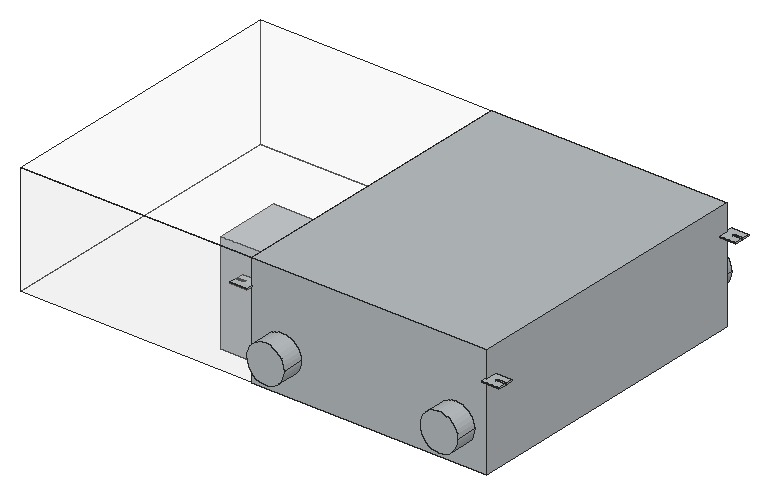
Revit family "lgh-n15_100rx3(d)_60Hz", category 機械設備, Revit 2019
Family settings
  丸型コネクタ寸法 = 直径を使用
  パーツ タイプ = 標準
  OmniClass 番号 = 23.75.10.34.21
  OmniClass タイトル = Heat Exchangers for Ventilation Air
  作業面ベース = いいえ
  常に垂直 = はい
  ロード時にボイドで切り取り = いいえ
  共有 = いいえ
  部屋計算ポイント = はい
Parameters (values of type "LGH-N15RX3")
  騒音レベル(dB(A)) = 29
  風量 = 150.0 m³/h
  面風速 = 5.31 m/s
  電源種別 [instance] = "一般"
  電圧 = 100 V
  電動機出力 = 0 W
  集中コントローラ = ""
  運転質量 = 0.00 kg
  連動 [instance] = ""
  質量 = if(製品質量 > 運転質量, 製品質量, 運転質量) * 1.2  # 26.40 kg
  負荷分類 = 3_ファン類
  説明 = "業務用ロスナイ 天井埋込形"
  設計風量 = 0.0 m³/h
  設置方法 = "天井吊(隠ぺい)形"
  記号 [instance] = ""
  製造元 = "MITSIBISHI ELECTRIC"
  製品質量 = 22.00 kg
  製品出荷対象 = "国内"
  製品リリース年月 = "2019/6/1"
  製品グループ = ""
  系統 [instance] = ""
  符号 = "HEU"
  積算_科目 = "1 空気調和設備"
  積算_拾い区分 [instance] = ""
  相 = 1
  盤記号 [instance] = ""
  発停方法 [instance] = "別売リモコン"
  特殊仕様 [instance] = ""
  点検口高さ = -Height  # -289 mm
  点検口離隔 = 150 mm
  点検口_Depth = 450 mm
  点検口 = yes
  火災停止 [instance] = ""
  温度交換効率 = 74.00%
  消費電力 = 120 W
  法定耐用年数 = "15"
  機外静圧_排気 = 170.0 Pa
  機外静圧 = 170.0 Pa
  極数 = 2
  材質 [instance] = ""
  本体マテリアル = 溶融亜鉛めっき鋼板
  操作・制御方式 = ""
  操作・制御スイッチ = ""
  排気量 = 0.0 m³/h
  形式 = "天井埋込ダクト形"
  幹線記号 [instance] = ""
  対象室 [instance] = ""
  実風量 = 0.0 m³/h
  始動方式 [instance] = "直入"
  天吊金具_径 = 6.5 mm
  天吊金具_幅 = 20 mm
  外気量 = 設計風量  # 0.0 m³/h
  呼称 = "全熱交換ユニット"
  周波数 = 60 Hz
  天吊金具ピッチ2 = 768 mm
  天吊金具ピッチ1 = 658 mm
  天吊金具_高さ = 65 mm
  参照している仕様書等のバージョン = "公共建築工事標準仕様書（機械設備工事編）平成31年度版"
  初期抵抗 = 0.0 Pa
  分類コード = "50052504100070"
  分類グループ = ""
  価格 = 190000
  企業コード = "108420"
  付属品_フィルター_還気 = ""
  付属品_フィルター = ""
  付属品 [instance] = ""
  仕様書バージョン = "Version1.0"
  モデル = "LGH-N15RX3"
  メンテナンススペース = yes
  コメント [instance] = ""
  Keynote = ""
  エンタルピ交換効率_暖房 = 75.50%
  エンタルピ交換効率_冷房 = 64.50%
  Assembly Code = ""
  Width = 610 mm
  Version = ""
  Uniclass2015Version = "Systems v1.9"
  Uniclass2015Title = "Thermal wheels"
  Uniclass2015Code = "Pr_60_60_36_88"
  URL = "https://www.mitsubishielectric.co.jp/ldg/wink/ssl/displayProduct.do?pid=300333"
  SpecificationReference = ""
  SpecificationDescription = ""
  SMAX風量 = 0.0 m³/h
  SMAX静圧 = 0.0 Pa
  SAサイズ_D = 97.5 mm
  Revision = ""
  RAサイズ_D = 97.5 mm
  ProductInformation = ""
  OmniClassCode = "23-27 23 19 11"
  OAダクト接続口方向_標準 = yes
  OAダクト接続口方向_変更 = not(OAダクト接続口方向_標準)  # no
  OAサイズ_W = 0 mm
  OAサイズ_D = 97.5 mm
  MIN風量 = 75.0 m³/h
  MIN静圧 = 42.0 Pa
  MID風量 = 95.0 m³/h
  MID静圧 = 68.0 Pa
  MAX風量 = 150.0 m³/h
  MAX静圧 = 170.0 Pa
  IfcTypeProduct = ""
  IfcProduct = ""
  IfcExportType = "ROTARYWHEEL"
  IfcExportAs = "IfcAirToAirHeatRecoveryType"
  Height = 289 mm
  EAダクト接続口方向_変更 = not(EAダクト接続口方向_標準)  # no
  EAダクト接続口方向_標準 = yes
  EAサイズ_W = 0 mm
  EAサイズ_D = 97.5 mm
  Duct_Pitch = 450 mm
  Duct_Height = 194.5 mm
  Duct_Depth = 54 mm
  DuctChange_Center = 119 mm
  Depth = 780 mm
  Clearance Top = Height  # 289 mm
  Clearance Left = 600 mm
  Box_Width = 115 mm
  Box_Height = 262 mm
  Box_H = 10 mm
  Box_Depth = 172 mm
  Box_D = 45 mm
  Author = "MITSUBISHI ELECTRIC"
Types (14, lengths in mm): name | 騒音レベル(dB(A)) | 風量 | 面風速 | 電圧 | 質量 | 製品質量 | 点検口高さ | 温度交換効率 | 消費電力 | 機外静圧_排気 | 機外静圧 | 極数 | 天吊金具ピッチ2 | 天吊金具ピッチ1 | 天吊金具_高さ | 参照している仕様書等のバージョン | 価格 | モデル | エンタルピ交換効率_暖房 | エンタルピ交換効率_冷房 | Width | URL | SMAX風量 | SMAX静圧 | SAサイズ_D | RAサイズ_D | OAサイズ_D | MIN風量 | MIN静圧 | MID風量 | MID静圧 | MAX風量 | MAX静圧 | Height | EAサイズ_D | Duct_Pitch | Duct_Height | Duct_Depth | DuctChange_Center | Depth | Clearance Top | Box_H | Box_D
  LGH-N15RX3 | 29 | 150.0 m³/h | 5.31 m/s | 100 V | 26.40 kg | 22.00 kg | -289 | 74.00% | 120 W | 170.0 Pa | 170.0 Pa | 2 | 768 | 658 | 65 | "公共建築工事標準仕様書（機械設備工事編）平成31年度版" | 190000 | "LGH-N15RX3" | 75.50% | 64.50% | 610 | "https://www.mitsubishielectric.co.jp/ldg/wink/ssl/displayProduct.do?pid=300333" | 0.0 m³/h | 0.0 Pa | 97.5 | 97.5 | 97.5 | 75.0 m³/h | 42.0 Pa | 95.0 m³/h | 68.0 Pa | 150.0 m³/h | 170.0 Pa | 289 | 97.5 | 450 | 194.5 | 54 | 119 | 780 | 289 | 10 | 45
  LGH-N15RX3D | 29 | 150.0 m³/h | 5.31 m/s | 200 V | 26.40 kg | 22.00 kg | -289 | 74.00% | 126 W | 170.0 Pa | 170.0 Pa | 3 | 768 | 658 | 65 | "公共建築工事標準仕様書（機械設備工事編）平成31年度版" | 190000 | "LGH-N15RX3D" | 75.50% | 64.50% | 610 | "https://www.mitsubishielectric.co.jp/ldg/wink/ssl/displayProduct.do?pid=300334" | 0.0 m³/h | 0.0 Pa | 97.5 | 97.5 | 97.5 | 80.0 m³/h | 48.0 Pa | 95.0 m³/h | 68.0 Pa | 150.0 m³/h | 170.0 Pa | 289 | 97.5 | 450 | 194.5 | 54 | 119 | 780 | 289 | 10 | 45
  LGH-N25RX3 | 30 | 250.0 m³/h | 3.93 m/s | 100 V | 27.60 kg | 23.00 kg | -289 | 70.00% | 142 W | 135.0 Pa | 135.0 Pa | 2 | 768 | 782 | 65 | "公共建築工事標準仕様書（機械設備工事編）平成31年度版" | 208000 | "LGH-N25RX3" | 73.00% | 63.00% | 735 | "https://www.mitsubishielectric.co.jp/ldg/wink/ssl/displayProduct.do?pid=300338" | 0.0 m³/h | 0.0 Pa | 142 | 142 | 142 | 120.0 m³/h | 31.0 Pa | 145.0 m³/h | 45.0 Pa | 250.0 m³/h | 135.0 Pa | 289 | 142 | 530 | 174.5 | 64 | 102 | 780 | 289 | 10 | 45
  LGH-N25RX3D | 30 | 250.0 m³/h | 3.93 m/s | 200 V | 27.60 kg | 23.00 kg | -289 | 70.00% | 142 W | 135.0 Pa | 135.0 Pa | 3 | 768 | 782 | 65 | "公共建築工事標準仕様書（機械設備工事編）平成31年度版" | 208000 | "LGH-N25RX3D" | 73.00% | 63.00% | 735 | "https://www.mitsubishielectric.co.jp/ldg/wink/ssl/displayProduct.do?pid=300339" | 0.0 m³/h | 0.0 Pa | 142 | 142 | 142 | 110.0 m³/h | 26.0 Pa | 160.0 m³/h | 55.0 Pa | 250.0 m³/h | 135.0 Pa | 289 | 142 | 530 | 174.5 | 64 | 102 | 780 | 289 | 10 | 45
  LGH-N35RX3 | 31.5 | 350.0 m³/h | 5.5 m/s | 100 V | 38.40 kg | 32.00 kg | -331 | 71.50% | 243 W | 230.0 Pa | 230.0 Pa | 2 | 875 | 921 | 85 | "公共建築工事標準仕様書（機械設備工事編）平成31年度版" | 229000 | "LGH-N35RX3" | 76.00% | 64.00% | 874 | "https://www.mitsubishielectric.co.jp/ldg/wink/ssl/displayProduct.do?pid=300342" | 350.0 m³/h | 230.0 Pa | 142 | 142 | 142 | 145.0 m³/h | 30.0 Pa | 195.0 m³/h | 54.0 Pa | 350.0 m³/h | 175.0 Pa | 331 | 142 | 650 | 220.5 | 64 | 124 | 888 | 331 | 12 | 77
  LGH-N35RX3D | 32.5 | 350.0 m³/h | 5.5 m/s | 200 V | 38.40 kg | 32.00 kg | -331 | 71.50% | 225 W | 230.0 Pa | 230.0 Pa | 3 | 875 | 921 | 85 | "公共建築工事標準仕様書（機械設備工事編）平成31年度版" | 229000 | "LGH-N35RX3D" | 76.00% | 64.00% | 874 | "https://www.mitsubishielectric.co.jp/ldg/wink/ssl/displayProduct.do?pid=300343" | 350.0 m³/h | 230.0 Pa | 142 | 142 | 142 | 155.0 m³/h | 34.0 Pa | 205.0 m³/h | 60.0 Pa | 350.0 m³/h | 175.0 Pa | 331 | 142 | 650 | 220.5 | 64 | 124 | 888 | 331 | 12 | 77
  LGH-N50RX3 | 35 | 500.0 m³/h | 4.42 m/s | 100 V | 43.20 kg | 36.00 kg | -331 | 71.00% | 315 W | 240.0 Pa | 240.0 Pa | 2 | 875 | 1063 | 85 | "公共建築工事標準仕様書（機械設備工事編）平成31年度版" | 282000 | "LGH-N50RX3" | 73.00% | 63.00% | 1016 | "https://www.mitsubishielectric.co.jp/ldg/wink/ssl/displayProduct.do?pid=300346" | 500.0 m³/h | 240.0 Pa | 192 | 192 | 192 | 205.0 m³/h | 30.0 Pa | 340.0 m³/h | 83.0 Pa | 500.0 m³/h | 180.0 Pa | 331 | 192 | 745 | 195.5 | 79 | 124 | 888 | 331 | 12 | 77
  LGH-N50RX3D | 36 | 500.0 m³/h | 4.42 m/s | 200 V | 43.20 kg | 36.00 kg | -331 | 71.00% | 310 W | 240.0 Pa | 240.0 Pa | 3 | 875 | 1063 | 85 | "公共建築工事標準仕様書（機械設備工事編）平成31年度版" | 282000 | "LGH-N50RX3D" | 73.00% | 63.00% | 1016 | "https://www.mitsubishielectric.co.jp/ldg/wink/ssl/displayProduct.do?pid=300347" | 500.0 m³/h | 240.0 Pa | 192 | 192 | 192 | 230.0 m³/h | 38.0 Pa | 300.0 m³/h | 65.0 Pa | 500.0 m³/h | 180.0 Pa | 331 | 192 | 745 | 195.5 | 79 | 124 | 888 | 331 | 12 | 77
  LGH-N65RX3 | 38 | 650.0 m³/h | 5.75 m/s | 100 V | 57.60 kg | 48.00 kg | -404 | 71.50% | 505 W | 255.0 Pa | 255.0 Pa | 2 | 895 | 1001 | 70 | "公共建築工事標準仕様書（機械設備工事編）平成31年度版" | 377000 | "LGH-N65RX3" | 72.00% | 63.00% | 954 | "https://www.mitsubishielectric.co.jp/ldg/wink/ssl/displayProduct.do?pid=300350" | 650.0 m³/h | 255.0 Pa | 192 | 192 | 192 | 300.0 m³/h | 45.0 Pa | 430.0 m³/h | 92.0 Pa | 650.0 m³/h | 210.0 Pa | 404 | 192 | 692 | 242 | 79 | 124 | 908 | 404 | 13 | 62
  LGH-N65RX3D | 38.5 | 650.0 m³/h | 5.75 m/s | 200 V | 57.60 kg | 48.00 kg | -404 | 71.50% | 515 W | 255.0 Pa | 255.0 Pa | 3 | 895 | 1001 | 70 | "公共建築工事標準仕様書（機械設備工事編）平成31年度版" | 377000 | "LGH-N65RX3D" | 72.00% | 63.00% | 954 | "https://www.mitsubishielectric.co.jp/ldg/wink/ssl/displayProduct.do?pid=300351" | 650.0 m³/h | 255.0 Pa | 192 | 192 | 192 | 320.0 m³/h | 51.0 Pa | 470.0 m³/h | 110.0 Pa | 650.0 m³/h | 210.0 Pa | 404 | 192 | 692 | 242 | 79 | 124 | 908 | 404 | 13 | 62
  LGH-N80RX3 | 35.5 | 800.0 m³/h | 4.53 m/s | 100 V | 69.60 kg | 58.00 kg | -404 | 73.00% | 550 W | 250.0 Pa | 250.0 Pa | 2 | 1131 | 1051 | 77 | "公共建築工事標準仕様書（機械設備工事編）平成31年度版" | 450000 | "LGH-N80RX3" | 75.00% | 65.00% | 1004 | "https://www.mitsubishielectric.co.jp/ldg/wink/ssl/displayProduct.do?pid=300354" | 800.0 m³/h | 250.0 Pa | 242 | 242 | 242 | 340.0 m³/h | 33.0 Pa | 580.0 m³/h | 95.0 Pa | 800.0 m³/h | 180.0 Pa | 404 | 242 | 690 | 242 | 79 | 165 | 1144 | 404 | 125 | 144
  LGH-N80RX3D | 35.5 | 800.0 m³/h | 4.53 m/s | 200 V | 69.60 kg | 58.00 kg | -404 | 73.00% | 520 W | 250.0 Pa | 250.0 Pa | 3 | 1131 | 1051 | 77 | "公共建築工事標準仕様書（機械設備工事編）平成31年度版" | 450000 | "LGH-N80RX3D" | 75.00% | 65.00% | 1004 | "https://www.mitsubishielectric.co.jp/ldg/wink/ssl/displayProduct.do?pid=300355" | 800.0 m³/h | 250.0 Pa | 242 | 242 | 242 | 350.0 m³/h | 34.0 Pa | 580.0 m³/h | 95.0 Pa | 800.0 m³/h | 180.0 Pa | 404 | 242 | 690 | 242 | 79 | 165 | 1144 | 404 | 125 | 144
  LGH-N100RX3 | 37 | 1000.0 m³/h | 5.66 m/s | 100 V | 76.80 kg | 64.00 kg | -404 | 73.00% | 695 W | 220.0 Pa | 220.0 Pa | 2 | 1131 | 1278 | 77 | "" | 513000 | "LGH-N100RX3" | 75.00% | 65.00% | 1231 | "https://www.mitsubishielectric.co.jp/ldg/wink/ssl/displayProduct.do?pid=300328" | 1000.0 m³/h | 220.0 Pa | 242 | 242 | 242 | 420.0 m³/h | 25.0 Pa | 680.0 m³/h | 65.0 Pa | 1000.0 m³/h | 140.0 Pa | 404 | 242 | 917 | 242 | 79 | 165 | 1144 | 404 | 125 | 144
  LGH-N100RX3D | 37 | 1000.0 m³/h | 5.66 m/s | 200 V | 76.80 kg | 64.00 kg | -404 | 73.00% | 695 W | 220.0 Pa | 220.0 Pa | 3 | 1131 | 1278 | 77 | "" | 513000 | "LGH-N100RX3D" | 75.00% | 65.00% | 1231 | "https://www.mitsubishielectric.co.jp/ldg/wink/ssl/displayProduct.do?pid=300329" | 1000.0 m³/h | 220.0 Pa | 242 | 242 | 242 | 365.0 m³/h | 19.0 Pa | 680.0 m³/h | 65.0 Pa | 1000.0 m³/h | 140.0 Pa | 404 | 242 | 917 | 242 | 79 | 165 | 1144 | 404 | 125 | 144
Reference planes
  plane 1 "中心(正面/背面)": y = 0
  plane 2: z = 0
  plane 3 "中心(左/右)": x = 0
  plane 4: x = -305
  plane 5: x = 305
  plane 6: y = 390
  plane 7: y = -390
  plane 8: z = -289
  plane 9: z = -194.5
  plane 10: x = -225
  plane 11: x = 225
  plane 12: y = -444
  plane 13: y = 444
  plane 14: y = 271
  plane 15: x = -359
  plane 16: x = 359
  plane 17: x = -905
  plane 18: y = -345
  plane 19: y = -173
  plane 20: z = -10
  plane 21: z = -272
  plane 22: x = -420
  plane 23: x = -455
  plane 24: y = 225
  plane 25: x = -329
  plane 26: x = 329
  plane 27: y = 384
  plane 28: y = -384
  plane 29: y = -225
  plane 30: x = -349
  plane 31: y = 404
  plane 32: y = 364
  plane 33: y = -364
  plane 34: y = -404
  plane 35: z = -5
  plane 36: z = -65
  plane 37: z = -68
  plane 38: x = 349
Forms (mm)
  Extrusion 1, solid, material "溶融亜鉛めっき鋼板" <- "本体マテリアル", detail levels fine
    sketch origin (0, 0, 0) x (1, 0, 0) y (0, 1, 0)
      loop
        line (-305, 390) -> (-305, -390) -> (305, -390) -> (305, 390) -> (-305, 390)
    from 0 to -289
  Extrusion 2, solid, material "溶融亜鉛めっき鋼板" <- "本体マテリアル", detail levels fine
    sketch origin (510, -445, 0) x (-1, 0, 0) y (0, 0, -1)
      loop
        circle (285, 194.5) r 48.75
    from -55 to -1
  Extrusion 3, solid, material "溶融亜鉛めっき鋼板" <- "本体マテリアル", detail levels fine
    sketch origin (-305, -390, 0) x (0, 1, 0) y (0, 0, -1)
      loop
        line (217, 10) -> (217, 272) -> (45, 272) -> (45, 10) -> (217, 10)
    from 0 to 115
  Extrusion 4, solid, material "溶融亜鉛めっき鋼板" <- "本体マテリアル", detail levels fine
    sketch origin (0, 0, 0) x (1, 0, 0) y (0, 1, 0)
      loop
        line (-349, 404) -> (-349, 387.25) -> (-329, 387.25)
        arc (-329, 387.25) -> (-325.75, 384) -> (-329, 380.75) r 3.25
        line (-329, 380.75) -> (-349, 380.75) -> (-349, 364) -> (-305, 364) -> (-305, 404) -> (-349, 404)
    from -65 to -68
  Extrusion 5, solid, material "溶融亜鉛めっき鋼板" <- "本体マテリアル", detail levels fine
    sketch origin (0, 0, 0) x (1, 0, 0) y (0, 1, 0)
      loop
        line (-349, -404) -> (-305, -404) -> (-305, -364) -> (-349, -364) -> (-349, -380.75) -> (-329, -380.75)
        arc (-329, -380.75) -> (-325.75, -384) -> (-329, -387.25) r 3.25
        line (-329, -387.25) -> (-349, -387.25) -> (-349, -404)
    from -65 to -68
  Extrusion 6, solid, material "溶融亜鉛めっき鋼板" <- "本体マテリアル", detail levels fine
    sketch origin (0, 0, 0) x (-1, 0, 0) y (0, -1, 0)
      loop
        line (-349, 404) -> (-349, 387.25) -> (-329, 387.25)
        arc (-329, 387.25) -> (-325.75, 384) -> (-329, 380.75) r 3.25
        line (-329, 380.75) -> (-349, 380.75) -> (-349, 364) -> (-305, 364) -> (-305, 404) -> (-349, 404)
    from -65 to -68
  Extrusion 7, solid, material "溶融亜鉛めっき鋼板" <- "本体マテリアル", detail levels fine
    sketch origin (0, 0, 0) x (-1, 0, 0) y (0, -1, 0)
      loop
        line (-349, -404) -> (-305, -404) -> (-305, -364) -> (-349, -364) -> (-349, -380.75) -> (-329, -380.75)
        arc (-329, -380.75) -> (-325.75, -384) -> (-329, -387.25) r 3.25
        line (-329, -387.25) -> (-349, -387.25) -> (-349, -404)
    from -65 to -68
  Extrusion 8, solid, material "溶融亜鉛めっき鋼板" <- "本体マテリアル", visible <- "EAダクト接続口方向_標準", detail levels fine
    sketch origin (510, 445, 0) x (-1, 0, 0) y (0, 0, 1)
      loop
        circle (285, -194.5) r 48.75
    from -55 to -1
  Extrusion 9, solid, material "溶融亜鉛めっき鋼板" <- "本体マテリアル", visible <- "OAダクト接続口方向_標準", detail levels fine
    sketch origin (-510, 445, 0) x (1, 0, 0) y (0, 0, -1)
      loop
        circle (285, 194.5) r 48.75
    from -55 to -1
  Extrusion 10, solid, material "溶融亜鉛めっき鋼板" <- "本体マテリアル", detail levels fine
    sketch origin (-510, -445, 0) x (1, 0, 0) y (0, 0, 1)
      loop
        circle (285, -194.5) r 48.75
    from -55 to -1
  Extrusion 11, solid, material "溶融亜鉛めっき鋼板" <- "本体マテリアル", visible <- "EAダクト接続口方向_変更", detail levels fine
    sketch origin (0, 0, 0) x (0, 1, 0) y (0, 0, 1)
      loop
        circle (271, -194.5) r 48.75
    from 305 to 359
  Extrusion 12, solid, material "溶融亜鉛めっき鋼板" <- "本体マテリアル", visible <- "OAダクト接続口方向_変更", detail levels fine
    sketch origin (0, 0, 0) x (0, 1, 0) y (0, 0, -1)
      loop
        circle (271, 194.5) r 48.75
    from 305 to 359
Lines and regions (mm)
  Masking region 1, detail levels coarse+medium
    outline origin (1326.5, 29, 0) x (1, 0, 0) y (0, 1, 0)
      loop
        line (-1631.5, 361) -> (-1631.5, -419) -> (-1021.5, -419) -> (-1021.5, 361) -> (-1631.5, 361)
  symbolic lines, detail levels coarse+medium
    curve 1: line (0, 390, 0) -> (-305, 0, 0)
    curve 2: line (-305, 0, 0) -> (0, -390, 0)
    curve 3: line (0, -390, 0) -> (305, 0, 0)
    curve 4: line (305, 0, 0) -> (0, 390, 0)
Dimensions and locks
  equal spacing: plane 4, plane 3 "中心(左/右)", plane 5
  "Width": plane 4 to plane 5
  equal spacing: plane 6, plane 1 "中心(正面/背面)", plane 7
  "Depth": plane 6 to plane 7
  "Height": level to plane 8
  "Duct_Height": level to plane 9
  equal spacing: plane 11, plane 3 "中心(左/右)", plane 10
  "Duct_Pitch": plane 11 to plane 10
  "Duct_Depth": plane 13 to plane 6
  "Duct_Depth": plane 7 to plane 12
  "DuctChange_Center": plane 6 to plane 14
  "Duct_Depth": plane 5 to plane 16
  "Duct_Depth": plane 15 to plane 4
  "Clearance Left": plane 17 to plane 4
  "Clearance Top": nested 1 to plane 8
  "Box_H": level to plane 20
  "Box_Height": plane 20 to plane 21
  "Box_D": plane 18 to plane 7
  "Box_Depth": plane 19 to plane 18
  "Box_Width": plane 22 to plane 4
  "点検口離隔": plane 23 to plane 4
  equal spacing: plane 25, plane 3 "中心(左/右)", plane 26
  "天吊金具ピッチ1": plane 25 to plane 26
  equal spacing: plane 27, plane 1 "中心(正面/背面)", plane 28
  "天吊金具ピッチ2": plane 27 to plane 28
  equal spacing: plane 24, plane 1 "中心(正面/背面)", plane 29
  "点検口_Depth": plane 24 to plane 29
  equal spacing: plane 31, plane 27, plane 32
  locked: plane 31 to plane 32 at 40
  "天吊金具_幅": plane 30 to plane 25
  "天吊金具_高さ": level to plane 36
  locked: plane 36 to plane 37 at 3
  equal spacing: plane 33, plane 28, plane 34
  locked: plane 33 to plane 34 at 40
  "天吊金具_幅": plane 26 to plane 38
  "RAサイズ_D": diameter of Extrusion 2 sketch curve
  "EAサイズ_D": diameter of Extrusion 8 sketch curve
  "OAサイズ_D": diameter of Extrusion 9 sketch curve
  "SAサイズ_D": diameter of Extrusion 10 sketch curve
  "EAサイズ_D": diameter of Extrusion 11 sketch curve
  "EAサイズ_D": diameter of Extrusion 12 sketch curve
  "天吊金具_径": diameter of Extrusion 7 sketch curve
  "天吊金具_径": diameter of Extrusion 4 sketch curve
  "天吊金具_径": diameter of Extrusion 5 sketch curve
  "天吊金具_径": diameter of Extrusion 6 sketch curve
  aligned and locked: level to plane 2
  aligned and locked: Extrusion 1 to plane 8
  aligned and locked: plane 7 to Extrusion 2
  aligned and locked: Extrusion 2 to plane 12
  aligned and locked: plane 17 to nested 1
  aligned and locked: plane 4 to nested 1
  aligned and locked: nested 1 to plane 6
  aligned and locked: nested 1 to plane 7
  aligned and locked: plane 2 to nested 1
  aligned and locked: plane 8 to nested 1
  aligned and locked: Extrusion 3 to plane 22
  aligned and locked: plane 4 to Extrusion 3
  aligned and locked: Masking region 1 to plane 4
  aligned and locked: plane 5 to Masking region 1
  aligned and locked: plane 6 to Masking region 1
  aligned and locked: Masking region 1 to plane 7
  aligned and locked: plane 26 to nested 2
  aligned and locked: plane 25 to nested 2
  aligned and locked: nested 2 to plane 28
  aligned and locked: plane 27 to nested 2
  aligned and locked: Extrusion 3 to plane 19
  aligned and locked: Extrusion 3 to plane 21
  aligned and locked: plane 20 to Extrusion 3
  aligned and locked: plane 18 to Extrusion 3
  aligned and locked: plane 23 to nested 3
  aligned and locked: plane 17 to nested 3
  aligned and locked: plane 24 to nested 3
  aligned and locked: nested 3 to plane 29
  aligned and locked: plane 4 to Extrusion 4
  aligned and locked: Extrusion 4 to plane 30  (x2)
  aligned and locked: plane 31 to Extrusion 4
  aligned and locked: Extrusion 4 to plane 36
  aligned and locked: Extrusion 4 to plane 37
  aligned and locked: plane 4 to Extrusion 5
  aligned and locked: plane 33 to Extrusion 5
  aligned and locked: Extrusion 5 to plane 34
  aligned and locked: Extrusion 5 to plane 30  (x2)
  aligned and locked: Extrusion 5 to Extrusion 4  (x2)
  aligned and locked: Extrusion 7 to plane 38  (x2)
  aligned and locked: Extrusion 7 to plane 32
  aligned and locked: plane 31 to Extrusion 7
  aligned and locked: Extrusion 6 to plane 38
  aligned and locked: Extrusion 6 to plane 34
  aligned and locked: Extrusion 6 to plane 5
  aligned and locked: plane 33 to Extrusion 6
  aligned and locked: Extrusion 6 to plane 37
  aligned and locked: plane 36 to Extrusion 6
  aligned and locked: Extrusion 7 to plane 37
  aligned and locked: plane 36 to Extrusion 7
  aligned and locked: plane 13 to Extrusion 8
  aligned and locked: Extrusion 8 to plane 6
  aligned and locked: plane 13 to Extrusion 9
  aligned and locked: Extrusion 9 to plane 6
  aligned and locked: Extrusion 10 to plane 12
  aligned and locked: plane 7 to Extrusion 10
  aligned and locked: plane 16 to Extrusion 11
  aligned and locked: Extrusion 11 to plane 5
  aligned and locked: plane 4 to Extrusion 12
  aligned and locked: Extrusion 12 to plane 15
  aligned and locked: Extrusion 7 sketch curve to Extrusion 7 sketch curve
  aligned and locked: plane 38 to Extrusion 7 sketch curve
  aligned and locked: plane 25 to Extrusion 4 sketch curve
  aligned and locked: plane 30 to Extrusion 5 sketch curve
  aligned and locked: plane 26 to Extrusion 6 sketch curve
Automatic sketch dimensions
  plane 1 "中心(正面/背面)" to curve 1 = 0 mm
  curve 1 to plane 4 = 0 mm
  curve 2 to plane 3 "中心(左/右)" = 0 mm
  curve 4 to plane 3 "中心(左/右)" = 0 mm
  plane 1 "中心(正面/背面)" to curve 4 = 0 mm
  curve 4 to plane 5 = 0 mm
  curve 2 to plane 7 = 0 mm
  curve 4 to plane 6 = 0 mm
  Extrusion 1 sketch curve to plane 4 = 0 mm
  Extrusion 1 sketch curve to plane 5 = 0 mm
  Extrusion 1 sketch curve to plane 7 = 0 mm
  Extrusion 1 sketch curve to plane 6 = 0 mm
  Extrusion 2 sketch curve to plane 9 = 0 mm
  Extrusion 2 sketch curve to plane 11 = 0 mm
  Extrusion 3 sketch curve to Extrusion 1 = 45 mm
  Extrusion 1 to Extrusion 3 sketch curve = 17 mm
  Extrusion 3 sketch curve to Extrusion 3 sketch curve = 172 mm
  Extrusion 1 to Extrusion 3 sketch curve = 10 mm
  Masking region 1 sketch curve to plane 4 = 0 mm
  Masking region 1 sketch curve to plane 5 = 0 mm
  Masking region 1 sketch curve to plane 7 = 0 mm
  Masking region 1 sketch curve to plane 6 = 0 mm
  Extrusion 8 sketch curve to plane 9 = 0 mm
  Extrusion 8 sketch curve to plane 11 = 0 mm
  Extrusion 9 sketch curve to plane 9 = 0 mm
  Extrusion 9 sketch curve to plane 10 = 0 mm
  Extrusion 10 sketch curve to plane 9 = 0 mm
  Extrusion 10 sketch curve to plane 10 = 0 mm
  Extrusion 11 sketch curve to plane 9 = 0 mm
  Extrusion 11 sketch curve to plane 14 = 0 mm
  Extrusion 12 sketch curve to plane 9 = 0 mm
  Extrusion 12 sketch curve to plane 14 = 0 mm
  Extrusion 7 sketch curve to plane 26 = 0 mm
  Extrusion 7 sketch curve to plane 5 = 0 mm
  Extrusion 7 sketch curve to plane 32 = 0 mm
  Extrusion 7 sketch curve to plane 27 = 0 mm
  Extrusion 7 sketch curve to plane 31 = 0 mm
  Extrusion 4 sketch curve to plane 30 = 0 mm  (x2)
  Extrusion 4 sketch curve to plane 25 = 0 mm
  Extrusion 4 sketch curve to plane 4 = 0 mm
  Extrusion 4 sketch curve to plane 32 = 0 mm
  Extrusion 4 sketch curve to plane 27 = 0 mm
  Extrusion 4 sketch curve to plane 31 = 0 mm
  Extrusion 5 sketch curve to plane 30 = 0 mm
  Extrusion 5 sketch curve to plane 25 = 0 mm
  Extrusion 5 sketch curve to plane 4 = 0 mm
  Extrusion 5 sketch curve to plane 33 = 0 mm
  Extrusion 5 sketch curve to plane 28 = 0 mm
  Extrusion 5 sketch curve to plane 34 = 0 mm
  Extrusion 6 sketch curve to plane 34 = 0 mm
  Extrusion 6 sketch curve to plane 38 = 0 mm  (x2)
  Extrusion 6 sketch curve to plane 5 = 0 mm
  Extrusion 6 sketch curve to plane 33 = 0 mm
  Extrusion 6 sketch curve to plane 28 = 0 mm
Nested families
  nested 1: "メンテナンススペース" at (-605, 0, -144.5), visible <- "メンテナンススペース", type "メンテナンススペース"
    with Width 600 mm, Height 289 mm, Depth 780 mm
  nested 2: "固定点" at (-329, -384, 0), type "固定点"
    with W 658 mm, D 768 mm
  nested 3: "点検口設置範囲" at (-680, 0, -289), built-in parameter 1001364 <- "点検口高さ", visible <- "点検口", type "点検口設置範囲"
    with Width 450 mm, Depth 450 mm
Connectors
  hvac at (225, -444, -194.5), driven by "RAサイズ_D", driven by "機外静圧", driven by "風量"
    settings: on Extrusion 2, index 2, duct flow 150.0 m³/h, flow factor 0, pres drop 170.0 Pa, loss coef 0, conn angle 0.00°, conn width 304.8 mm, conn height 304.8 mm, conn diameter 97.5 mm, duct sys type 2, conn prof type 0, flow config 0, flow direction 1, loss method 4, conn ref index -1, conn util no, is conn primary yes, conn desc ""
  electrical at (-362.5, -345, -141), driven by "負荷分類", driven by "相", driven by "電圧", driven by "消費電力"
    settings: on Extrusion 3, index 7, voltage 100 V, apparent load 120 VA, apparent load phase1 0 VA, apparent load phase2 0 VA, apparent load phase3 0 VA, power factor 1, load classification "3_ファン類", number of poles 1, system type 30, power factor state 1, is connector primary yes, connector utility no, sub classification motor no, connector description ""
  hvac at (225, 444, -194.5), driven by "EAサイズ_D", driven by "排気量", driven by "機外静圧_排気"
    settings: on Extrusion 8, index 8, duct flow 0.0 m³/h, flow factor 0, pres drop 170.0 Pa, loss coef 0, conn angle 0.00°, conn width 304.8 mm, conn height 304.8 mm, conn diameter 97.5 mm, duct sys type 3, conn prof type 0, flow config 0, flow direction 2, loss method 4, conn ref index -1, conn util no, is conn primary no, conn desc ""
  hvac at (-225, 444, -194.5), driven by "OAサイズ_D", driven by "外気量", driven by "機外静圧"
    settings: on Extrusion 9, index 9, duct flow 0.0 m³/h, flow factor 0, pres drop 170.0 Pa, loss coef 0, conn angle 0.00°, conn width 304.8 mm, conn height 304.8 mm, conn diameter 97.5 mm, duct sys type 4, conn prof type 0, flow config 0, flow direction 1, loss method 4, conn ref index -1, conn util no, is conn primary no, conn desc ""
  hvac at (-225, -444, -194.5), driven by "SAサイズ_D", driven by "風量", driven by "機外静圧"
    settings: on Extrusion 10, index 10, duct flow 150.0 m³/h, flow factor 0, pres drop 170.0 Pa, loss coef 0, conn angle 0.00°, conn width 304.8 mm, conn height 304.8 mm, conn diameter 97.5 mm, duct sys type 1, conn prof type 0, flow config 0, flow direction 2, loss method 4, conn ref index -1, conn util no, is conn primary no, conn desc ""
  hvac at (359, 271, -194.5), driven by "EAサイズ_D", driven by "機外静圧_排気", driven by "排気量"
    settings: on Extrusion 11, index 11, duct flow 0.0 m³/h, flow factor 0, pres drop 170.0 Pa, loss coef 0, conn angle 0.00°, conn width 304.8 mm, conn height 304.8 mm, conn diameter 97.5 mm, duct sys type 3, conn prof type 0, flow config 0, flow direction 2, loss method 4, conn ref index -1, conn util no, is conn primary no, conn desc ""
  hvac at (-359, 271, -194.5), driven by "EAサイズ_D", driven by "機外静圧", driven by "外気量"
    settings: on Extrusion 12, index 12, duct flow 0.0 m³/h, flow factor 0, pres drop 170.0 Pa, loss coef 0, conn angle 0.00°, conn width 304.8 mm, conn height 304.8 mm, conn diameter 97.5 mm, duct sys type 4, conn prof type 0, flow config 0, flow direction 1, loss method 4, conn ref index -1, conn util no, is conn primary no, conn desc ""
Definition of nested family "メンテナンススペース"
  Parameters (values of type "メンテナンススペース")
    Width [instance] = 500 mm
    Height [instance] = 500 mm
    Depth [instance] = 500 mm
  Reference planes
    plane 1 "中心(正面/背面)": y = 0
    plane 2: z = 0
    plane 3 "中心(左/右)": x = 0
    plane 4: y = -250
    plane 5: x = 250
    plane 6: y = 250
    plane 7: x = -250
    plane 8: z = 250
    plane 9: z = -250
  Forms (mm)
    Extrusion 1, solid
      sketch origin (-638.939, 0, 72.39) x (1, 0, 0) y (0, 1, 0)
        loop
          line (388.939, 250) -> (388.939, -250) -> (888.939, -250) -> (888.939, 250) -> (388.939, 250)
      from -322.39 to 177.61
  Lines and regions (mm)
    symbolic lines
      curve 1: line (-250, 0, 250) -> (250, 0, 250)
      curve 2: line (-250, 0, -250) -> (-250, 0, 250)
      curve 3: line (250, 0, -250) -> (-250, 0, -250)
      curve 4: line (250, 0, 250) -> (250, 0, -250)
      curve 5: line (0, -250, 250) -> (0, 250, 250)
      curve 6: line (0, -250, -250) -> (0, -250, 250)
      curve 7: line (0, 250, -250) -> (0, -250, -250)
      curve 8: line (0, 250, 250) -> (0, 250, -250)
      curve 9: line (-250, 250, 0) -> (250, 250, 0)
      curve 10: line (-250, -250, 0) -> (-250, 250, 0)
      curve 11: line (250, -250, 0) -> (-250, -250, 0)
      curve 12: line (250, 250, 0) -> (250, -250, 0)
  Dimensions and locks
    equal spacing: plane 7, plane 3 "中心(左/右)", plane 5
    equal spacing: plane 4, plane 1 "中心(正面/背面)", plane 6
    "Depth": plane 4 to plane 6
    "Width": plane 7 to plane 5
    equal spacing: plane 8, plane 2, plane 9
    "Height": plane 8 to plane 9
    aligned and locked: plane 9 to curve 3
    aligned and locked: plane 7 to curve 2
    aligned and locked: curve 4 to plane 5
    aligned and locked: plane 5 to Extrusion 1
    aligned and locked: Extrusion 1 to plane 7
    aligned and locked: Extrusion 1 to plane 9
    aligned and locked: plane 8 to Extrusion 1
    aligned and locked: plane 9 to curve 7
  Automatic sketch dimensions
    plane 4 to Extrusion 1 sketch curve = 0 mm
    Extrusion 1 sketch curve to plane 7 = 0 mm
    Extrusion 1 sketch curve to plane 5 = 0 mm
    plane 6 to Extrusion 1 sketch curve = 0 mm
    curve 2 to plane 8 = 0 mm
    plane 4 to curve 11 = 0 mm
    curve 11 to plane 7 = 0 mm
    curve 11 to plane 5 = 0 mm
    plane 6 to curve 10 = 0 mm
    curve 7 to plane 4 = 0 mm
    curve 7 to plane 6 = 0 mm
    curve 6 to plane 8 = 0 mm
Definition of nested family "固定点"
  Parameters (values of type "固定点")
    中心円 = 20 mm
    W [instance] = 1000 mm
    D [instance] = 1000 mm
  Reference planes
    plane 1 "中心(正面/背面)": y = 0
    plane 2: z = 0
    plane 3 "中心(左/右)": x = 0
    plane 4: x = 1000
    plane 5: y = 1000
  Lines and regions (mm)
    symbolic lines, detail levels fine
      curve 1: circle (0, 1000, 0) r 10 normal (0, 0, 1)
      curve 2: circle (0, 0, 0) r 10 normal (0, 0, 1)
      curve 3: circle (1000, 1000, 0) r 10 normal (0, 0, 1)
      curve 4: circle (1000, 0, 0) r 10 normal (0, 0, 1)
      curve 5: line (-200, 1000, 0) -> (1200, 1000, 0)
      curve 6: line (-200, 0, 0) -> (1200, 0, 0)
      curve 7: line (0, 1200, 0) -> (0, -200, 0)
      curve 8: line (1000, 1200, 0) -> (1000, -200, 0)
  Dimensions and locks
    "W": plane 3 "中心(左/右)" to plane 4
    "D": plane 1 "中心(正面/背面)" to plane 5
    "中心円": diameter of curve 1
    "中心円": diameter of curve 2
    "中心円": diameter of curve 3
    "中心円": diameter of curve 4
    aligned and locked: level to plane 2
    aligned and locked: plane 5 to curve 1
    aligned and locked: plane 3 "中心(左/右)" to curve 1
    aligned and locked: plane 3 "中心(左/右)" to curve 2
    aligned and locked: plane 1 "中心(正面/背面)" to curve 2
    aligned and locked: plane 4 to curve 3
    aligned and locked: plane 5 to curve 3
    aligned and locked: plane 1 "中心(正面/背面)" to curve 4
    aligned and locked: plane 4 to curve 4
    aligned and locked: plane 1 "中心(正面/背面)" to curve 6
    aligned and locked: curve 7 to plane 3 "中心(左/右)"
    aligned and locked: curve 8 to plane 4
  Automatic sketch dimensions
    curve 5 to plane 5 = 0 mm
    curve 6 to plane 3 "中心(左/右)" = 200 mm
    curve 5 to plane 3 "中心(左/右)" = 200 mm
    curve 4 to curve 6 = 200 mm
    curve 3 to curve 5 = 200 mm
    plane 1 "中心(正面/背面)" to curve 8 = 200 mm
    plane 1 "中心(正面/背面)" to curve 7 = 200 mm
    curve 3 to curve 8 = 200 mm
    curve 1 to curve 7 = 200 mm
Definition of nested family "点検口設置範囲"
  Parameters (values of type "点検口設置範囲")
    Width [instance] = 1000 mm
    Depth [instance] = 700 mm
  Reference planes
    plane 1 "中心(正面/背面)": y = 0
    plane 2: z = 0
    plane 3 "中心(左/右)": x = 0
    plane 4: x = -500
    plane 5: x = 500
    plane 6: y = -350
    plane 7: y = 350
  Lines and regions (mm)
    model lines
      curve 1: line (-500, 350, 0) -> (500, 350, 0)
      curve 2: line (-500, -350, 0) -> (-500, 350, 0)
      curve 3: line (500, -350, 0) -> (-500, -350, 0)
      curve 4: line (500, 350, 0) -> (500, -350, 0)
  Dimensions and locks
    "Depth": plane 7 to plane 6
    "Width": plane 4 to plane 5
    equal spacing: plane 7, plane 1 "中心(正面/背面)", plane 6
    equal spacing: plane 4, plane 3 "中心(左/右)", plane 5
    aligned and locked: level to plane 2
    aligned and locked: plane 4 to curve 2
    aligned and locked: curve 1 to plane 7
    aligned and locked: curve 4 to plane 5
    aligned and locked: plane 6 to curve 3
